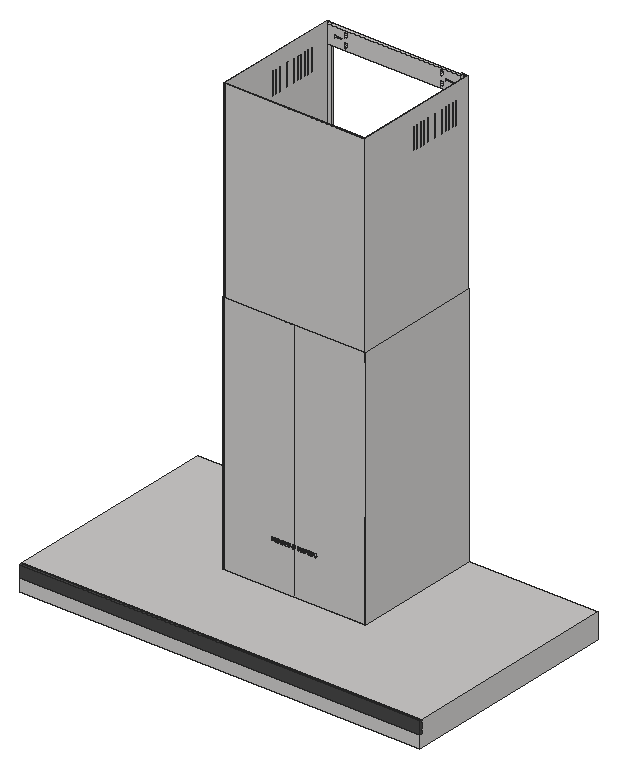
Revit family "FP_Revit_18_HC90BCXB2_Rangehood_90001848A", category Specialty Equipment, Revit 2018
Family settings
  Round Connector Dimension = Use Diameter
  Part Type = Normal
  OmniClass Number = 23.40.40.00
  OmniClass Title = Food Service Equipment and Furnishings
  Work Plane-Based = No
  Always vertical = Yes
  Cut with Voids When Loaded = Yes
  Shared = No
  Room Calculation Point = No
Parameters
  Visibility - Upper Chimney Extension [instance] = yes
  URL = "www.fisherpaykel.com"
  Product - Width = 899 mm  # constant formula
  Product - Height (595mm - 1035mm) [instance] = 1035 mm
  Product - Depth = 500 mm  # constant formula
  Model = "HC90BCXB2"
  Material - Display Panel = Fisher & Paykel - Black
  Material - Body = Fisher & Paykel - Stainless Steel
  Manufacturer = "Fisher & Paykel Appliances"
  FFL Offset [instance] = 1565 mm
  Description = "90cm Rangehood"
  Connector Description - Extraction = "150mm Semi Rigid Rangehood Ducting, 636m³/hr"
  Connector Description - Electrical = "230 V, 50 Hz"
  Chassis - Width = 320 mm  # constant formula
  Chassis - Height = 604 mm  # constant formula
  Chassis - Depth = 291 mm  # constant formula
Reference planes
  plane 1 "Datum": y = 0
  plane 2: z = 0
  plane 3 "Center (Left/Right)": x = 0
  plane 4 "Product - Height": z = 2600
  plane 5 "Product LHS": x = -449.5
  plane 6 "Product RHS": x = 449.5
  plane 7 "Product - Depth": y = -500
  plane 8 "Cavity LHS": x = -160
  plane 9 "Cavity RHS": x = 160
  plane 10 "Chassis - Depth": y = -291
  plane 11 "FFL Offset": z = 1565
Forms (mm)
  Extrusion 1, solid, material "Fisher & Paykel - Stainless Steel" <- "Material - Body"
    sketch origin (0, 0, 0) x (1, 0, 0) y (0, 1, 0)
      loop
        line (-145, 0) -> (-160, 0) -> (-160, -291) -> (0, -291) -> (160, -291) -> (160, 0) -> (145, 0) -> (145, -1) -> (159, -1) -> (159, -290) -> (-159, -290) -> (-159, -1) -> (-145, -1) -> (-145, 0)
    from 1620 to 2169
  Extrusion 2, solid, material "Fisher & Paykel - Stainless Steel" <- "Material - Body", visible <- "Visibility - Upper Chimney Extension"
    sketch origin (0, 0, 0) x (1, 0, 0) y (0, 1, 0)
      loop
        line (-158, -3) -> (-145, -3) -> (-145, -2) -> (-159, -2) -> (-159, -290) -> (159, -290) -> (159, -2) -> (145, -2) -> (145, -3) -> (158, -3) -> (158, -289.044) -> (-158, -289.044) -> (-158, -3)
    from 2149 to 2600
  Extrusion 3, solid, material "Fisher & Paykel - Stainless Steel" <- "Material - Body"
    sketch origin (0, 0, 0) x (1, 0, 0) y (0, 1, 0)
      loop
        line (-449.5, 0) -> (-449.5, -500) -> (449.5, -500) -> (449.5, 0) -> (-449.5, 0)
    from 1565 to 1620
  Extrusion 4, void
    sketch origin (0, 0, 0) x (0, 1, 0) y (0, 0, 1)
      loop
        line (-500, 1620) -> (-500, 1592.5) -> (-495, 1592.5) -> (-495, 1620) -> (-500, 1620)
    from -449.5 to 449.5
  Extrusion 5, solid, material "Fisher & Paykel - Black" <- "Material - Display Panel", detail levels medium+fine
    sketch origin (0, 0, 1000) x (0, 1, 0) y (0, 0, 1)
      loop
        line (-495, 592.5) -> (-495, 620) -> (-500, 620) -> (-500, 592.5) -> (-495, 592.5)
    from -449.5 to 449.5
  Extrusion 6, solid, material "Fisher & Paykel - Stainless Steel" <- "Material - Body"
    sketch origin (0, 0, 0) x (1, 0, 0) y (0, 1, 0)
      loop
        line (159, -1) -> (-159, -1) -> (-159, -290) -> (159, -290) -> (159, -1)
    from 1620 to 1838
  Extrusion 7, solid, material "Fisher & Paykel - Stainless Steel" <- "Material - Body"
    sketch origin (0, 0, 0) x (1, 0, 0) y (0, 1, 0)
      loop
        circle (0, -105) r 75
      loop
        circle (0, -105) r 73
    from 1838 to 1970.269
  Extrusion 8, solid, material "Fisher & Paykel - Stainless Steel" <- "Material - Body"
    sketch origin (0, 0, 0) x (1, 0, 0) y (0, 0, 1)
      loop
        line (-145, 1860) -> (-145, 1838) -> (145, 1838) -> (145, 1860) -> (-145, 1860)
      loop
        line (-127.5, 1851) -> (-127.5, 1849.33)
        arc (-127.5, 1849.33) -> (-125, 1840) -> (-122.5, 1849.33) r 5
        line (-122.5, 1849.33) -> (-122.5, 1851)
        arc (-122.5, 1851) -> (-125, 1853.5) -> (-127.5, 1851) r 2.5
      loop
        line (122.5, 1851) -> (122.5, 1849.33)
        arc (122.5, 1849.33) -> (125, 1840) -> (127.5, 1849.33) r 5
        line (127.5, 1849.33) -> (127.5, 1851)
        arc (127.5, 1851) -> (125, 1853.5) -> (122.5, 1851) r 2.5
    from 0 to 2
  Extrusion 9, solid, material "Fisher & Paykel - Stainless Steel" <- "Material - Body", visible <- "Visibility - Upper Chimney Extension"
    sketch origin (0, 0, 0) x (1, 0, 0) y (0, 0, 1)
      loop
        line (-150, 2558.811) -> (150, 2558.811) -> (150, 2600) -> (-150, 2600) -> (-150, 2558.811)
      loop
        line (104, 2592.5) -> (104, 2588.5)
        arc (104, 2588.5) -> (108, 2584.5) -> (112, 2588.5) r 4
        line (112, 2588.5) -> (112, 2592.5)
        arc (112, 2592.5) -> (108, 2596.5) -> (104, 2592.5) r 4
      loop
        arc (112, 2571.5) -> (108, 2575.5) -> (104, 2571.5) r 4
        line (104, 2571.5) -> (104, 2566.794)
        arc (104, 2566.794) -> (108, 2563.544) -> (112, 2566.794) r 4.087
        line (112, 2566.794) -> (112, 2571.5)
      loop
        arc (117.5, 2582.5) -> (115, 2580) -> (117.5, 2577.5) r 2.5
        line (117.5, 2577.5) -> (132.5, 2577.5)
        arc (132.5, 2577.5) -> (135, 2580) -> (132.5, 2582.5) r 2.5
        line (132.5, 2582.5) -> (117.5, 2582.5)
      loop
        arc (-104, 2592.5) -> (-108, 2596.5) -> (-112, 2592.5) r 4
        line (-112, 2592.5) -> (-112, 2588.5)
        arc (-112, 2588.5) -> (-108, 2584.5) -> (-104, 2588.5) r 4
        line (-104, 2588.5) -> (-104, 2592.5)
      loop
        line (-112, 2571.5) -> (-112, 2566.794)
        arc (-112, 2566.794) -> (-108, 2563.544) -> (-104, 2566.794) r 4.087
        line (-104, 2566.794) -> (-104, 2571.5)
        arc (-104, 2571.5) -> (-108, 2575.5) -> (-112, 2571.5) r 4
      loop
        line (-117.5, 2582.5) -> (-132.5, 2582.5)
        arc (-132.5, 2582.5) -> (-135, 2580) -> (-132.5, 2577.5) r 2.5
        line (-132.5, 2577.5) -> (-117.5, 2577.5)
        arc (-117.5, 2577.5) -> (-115, 2580) -> (-117.5, 2582.5) r 2.5
    from 3 to 9
  Extrusion 10, void
    sketch origin (0, 0, 0) x (0, 1, 0) y (0, 0, 1)
      loop
        line (-157, 2564.417) -> (-157, 2514.417)
        arc (-157, 2514.417) -> (-154.5, 2511.917) -> (-152, 2514.417) r 2.5
        line (-152, 2514.417) -> (-152, 2564.417)
        arc (-152, 2564.417) -> (-154.5, 2566.917) -> (-157, 2564.417) r 2.5
      loop
        line (-147, 2564.417) -> (-147, 2514.417)
        arc (-147, 2514.417) -> (-144.5, 2511.917) -> (-142, 2514.417) r 2.5
        line (-142, 2514.417) -> (-142, 2564.417)
        arc (-142, 2564.417) -> (-144.5, 2566.917) -> (-147, 2564.417) r 2.5
      loop
        line (-137, 2564.417) -> (-137, 2514.417)
        arc (-137, 2514.417) -> (-134.5, 2511.917) -> (-132, 2514.417) r 2.5
        line (-132, 2514.417) -> (-132, 2564.417)
        arc (-132, 2564.417) -> (-134.5, 2566.917) -> (-137, 2564.417) r 2.5
      loop
        line (-127, 2564.417) -> (-127, 2514.417)
        arc (-127, 2514.417) -> (-124.5, 2511.917) -> (-122, 2514.417) r 2.5
        line (-122, 2514.417) -> (-122, 2564.417)
        arc (-122, 2564.417) -> (-124.5, 2566.917) -> (-127, 2564.417) r 2.5
      loop
        line (-117, 2564.417) -> (-117, 2514.417)
        arc (-117, 2514.417) -> (-114.5, 2511.917) -> (-112, 2514.417) r 2.5
        line (-112, 2514.417) -> (-112, 2564.417)
        arc (-112, 2564.417) -> (-114.5, 2566.917) -> (-117, 2564.417) r 2.5
      loop
        line (-107, 2564.417) -> (-107, 2514.417)
        arc (-107, 2514.417) -> (-104.5, 2511.917) -> (-102, 2514.417) r 2.5
        line (-102, 2514.417) -> (-102, 2564.417)
        arc (-102, 2564.417) -> (-104.5, 2566.917) -> (-107, 2564.417) r 2.5
      loop
        line (-97, 2564.417) -> (-97, 2514.417)
        arc (-97, 2514.417) -> (-94.5, 2511.917) -> (-92, 2514.417) r 2.5
        line (-92, 2514.417) -> (-92, 2564.417)
        arc (-92, 2564.417) -> (-94.5, 2566.917) -> (-97, 2564.417) r 2.5
      loop
        line (-87, 2564.417) -> (-87, 2514.417)
        arc (-87, 2514.417) -> (-84.5, 2511.917) -> (-82, 2514.417) r 2.5
        line (-82, 2514.417) -> (-82, 2564.417)
        arc (-82, 2564.417) -> (-84.5, 2566.917) -> (-87, 2564.417) r 2.5
      loop
        line (-77, 2564.417) -> (-77, 2514.417)
        arc (-77, 2514.417) -> (-74.5, 2511.917) -> (-72, 2514.417) r 2.5
        line (-72, 2514.417) -> (-72, 2564.417)
        arc (-72, 2564.417) -> (-74.5, 2566.917) -> (-77, 2564.417) r 2.5
      loop
        line (-67, 2564.417) -> (-67, 2514.417)
        arc (-67, 2514.417) -> (-64.5, 2511.917) -> (-62, 2514.417) r 2.5
        line (-62, 2514.417) -> (-62, 2564.417)
        arc (-62, 2564.417) -> (-64.5, 2566.917) -> (-67, 2564.417) r 2.5
      loop
        line (-57, 2564.417) -> (-57, 2514.417)
        arc (-57, 2514.417) -> (-54.5, 2511.917) -> (-52, 2514.417) r 2.5
        line (-52, 2514.417) -> (-52, 2564.417)
        arc (-52, 2564.417) -> (-54.5, 2566.917) -> (-57, 2564.417) r 2.5
      loop
        line (-47, 2564.417) -> (-47, 2514.417)
        arc (-47, 2514.417) -> (-44.5, 2511.917) -> (-42, 2514.417) r 2.5
        line (-42, 2514.417) -> (-42, 2564.417)
        arc (-42, 2564.417) -> (-44.5, 2566.917) -> (-47, 2564.417) r 2.5
      loop
        line (-37, 2564.417) -> (-37, 2514.417)
        arc (-37, 2514.417) -> (-34.5, 2511.917) -> (-32, 2514.417) r 2.5
        line (-32, 2514.417) -> (-32, 2564.417)
        arc (-32, 2564.417) -> (-34.5, 2566.917) -> (-37, 2564.417) r 2.5
    from -159 to 159
  Extrusion 11, solid, material "Fisher & Paykel - Stainless Steel" <- "Material - Body"
    sketch origin (0, 0, 0) x (1, 0, 0) y (0, 0, 1)
      loop
        line (145, 2141) -> (-145, 2141) -> (-145, 2101) -> (145, 2101) -> (145, 2141)
      loop
        line (125, 2123.5) -> (110, 2123.5)
        arc (110, 2123.5) -> (107.5, 2121) -> (110, 2118.5) r 2.5
        line (110, 2118.5) -> (125, 2118.5)
        arc (125, 2118.5) -> (127.5, 2121) -> (125, 2123.5) r 2.5
      loop
        line (-110, 2123.5) -> (-125, 2123.5)
        arc (-125, 2123.5) -> (-127.5, 2121) -> (-125, 2118.5) r 2.5
        line (-125, 2118.5) -> (-110, 2118.5)
        arc (-110, 2118.5) -> (-107.5, 2121) -> (-110, 2123.5) r 2.5
    from 2 to 9
  Extrusion 12, void
    sketch origin (0, 0, 0) x (1, 0, 0) y (0, 1, 0)
      loop
        line (-387, -400) -> (387, -400) -> (387, -83) -> (-387, -83) -> (-387, -400)
      loop
        circle (115, -45) r 25
      loop
        circle (-115, -45) r 25
    from 1565 to 1574
  Extrusion 13, solid, material "Fisher & Paykel - Stainless Steel" <- "Material - Body", detail levels fine
    sketch origin (0, 0, 0) x (1, 0, 0) y (0, 1, 0)
      loop
        line (387, -83) -> (129.5, -83) -> (129.5, -400) -> (387, -400) -> (387, -83)
      loop
        line (138, -391) -> (239.5, -391) -> (239.5, -347) -> (276.5, -347) -> (276.5, -391) -> (378, -391) -> (378, -92) -> (138, -92) -> (138, -391)
      loop
        line (268.5, -357.5) -> (247.5, -357.5) -> (247.5, -391) -> (268.5, -391) -> (268.5, -357.5)
      loop
        line (247.9, -364.5) -> (247.9, -390.562) -> (268.1, -390.562) -> (268.1, -364.5) -> (247.9, -364.5)
      loop
        line (-387, -83) -> (-387, -400) -> (-129.5, -400) -> (-129.5, -83) -> (-387, -83)
      loop
        line (-138, -391) -> (-138, -92) -> (-378, -92) -> (-378, -391) -> (-276.5, -391) -> (-276.5, -347) -> (-239.5, -347) -> (-239.5, -391) -> (-138, -391)
      loop
        line (-268.5, -357.5) -> (-268.5, -391) -> (-247.5, -391) -> (-247.5, -357.5) -> (-268.5, -357.5)
      loop
        line (-247.9, -364.5) -> (-268.1, -364.5) -> (-268.1, -390.562) -> (-247.9, -390.562) -> (-247.9, -364.5)
      loop
        line (128.75, -83) -> (-128.75, -83) -> (-128.75, -400) -> (128.75, -400) -> (128.75, -83)
      loop
        line (-120.25, -391) -> (-18.75, -391) -> (-18.75, -347) -> (18.25, -347) -> (18.25, -391) -> (119.75, -391) -> (119.75, -92) -> (-120.25, -92) -> (-120.25, -391)
      loop
        line (10.25, -357.5) -> (-10.75, -357.5) -> (-10.75, -391) -> (10.25, -391) -> (10.25, -357.5)
      loop
        line (-10.35, -364.5) -> (-10.35, -390.562) -> (9.85, -390.562) -> (9.85, -364.5) -> (-10.35, -364.5)
    from 1565 to 1574
  Extrusion 14, solid, material "Fisher & Paykel - Aluminium", detail levels medium+fine
    sketch origin (0, 0, 0) x (1, 0, 0) y (0, 1, 0)
      loop
        line (378, -92) -> (138, -92) -> (138, -391) -> (239.5, -391) -> (239.5, -347) -> (276.5, -347) -> (276.5, -391) -> (378, -391) -> (378, -92)
      loop
        line (-378, -92) -> (-378, -391) -> (-276.5, -391) -> (-276.5, -347) -> (-239.5, -347) -> (-239.5, -391) -> (-138, -391) -> (-138, -92) -> (-378, -92)
      loop
        line (-120.25, -92) -> (-120.25, -391) -> (-18.75, -391) -> (-18.75, -347) -> (18.25, -347) -> (18.25, -391) -> (119.75, -391) -> (119.75, -92) -> (-120.25, -92)
    from 1565 to 1572
  Extrusion 15, solid, material "Fisher & Paykel - Bezel White", detail levels fine
    sketch origin (0, 0, 0) x (1, 0, 0) y (0, 1, 0)
      loop
        circle (115, -45) r 22
      loop
        circle (-115, -45) r 22
    from 1565 to 1572
  Extrusion 16, solid, material "Fisher & Paykel - Stainless Steel" <- "Material - Body", detail levels fine
    sketch origin (0, 0, 0) x (1, 0, 0) y (0, 1, 0)
      loop
        circle (115, -45) r 22
      loop
        circle (115, -45) r 25
      loop
        circle (-115, -45) r 22
      loop
        circle (-115, -45) r 25
    from 1566 to 1574
  Extrusion 17, solid, material "Fisher & Paykel - Stainless Steel" <- "Material - Body", detail levels medium+fine
    sketch origin (0, 0, 0) x (1, 0, 0) y (0, 1, 0)
      loop
        circle (101, -15) r 4
    from 1838 to 1970.269
Cuts and joins
  Extrusion 4, Extrusion 12 cuts Extrusion 3
  Extrusion 10 cuts Extrusion 2
Text (mm)
  text "Due to ongoing product development, product details are subject to change without notice. \nPlease always refer to www.fisherpaykel.com for the most current product information. \n© Fisher & Paykel 2020" at (41.04, -1225.549, 0), in view "Ref. Level (Plan)"
Dimensions and locks
  equal spacing: plane 5 "Product LHS", plane 3 "Center (Left/Right)", plane 6 "Product RHS"
  "Product - Width": plane 5 "Product LHS" to plane 6 "Product RHS"
  equal spacing: plane 8 "Cavity LHS", plane 3 "Center (Left/Right)", plane 9 "Cavity RHS"
  "Chassis - Width": plane 8 "Cavity LHS" to plane 9 "Cavity RHS"
  locked: Extrusion 1 sketch curve to Extrusion 1 sketch curve at 1  (x3)
  locked: Extrusion 2 to Extrusion 2 at 451
  "Product - Depth": plane 7 "Product - Depth" to plane 1 "Datum"
  "FFL Offset": plane 11 "FFL Offset" to level
  Extrusion 9 sketch curve to plane 4 "Product - Height" = 41.189 mm
  Extrusion 9 sketch curve to plane 4 "Product - Height" = 17.5 mm
  "Chassis - Height": Extrusion 1 to plane 11 "FFL Offset"
  plane 11 "FFL Offset" to Extrusion 8 sketch curve = 295 mm
  locked: Extrusion 7 to plane 11 "FFL Offset" at 405.269
  locked: cut or joined group of Extrusion 3, Extrusion 4, Extrusion 12 to plane 11 "FFL Offset" at 9
  locked: Extrusion 14 to plane 11 "FFL Offset" at 7
  locked: Extrusion 5 to plane 11 "FFL Offset" at 27.5
  locked: plane 11 "FFL Offset" to nested 1 at 153
  "Product - Height (595mm - 1035mm)": plane 4 "Product - Height" to plane 11 "FFL Offset"
  locked: cut or joined group of Extrusion 3, Extrusion 4, Extrusion 12 to Extrusion 16 at 1
  locked: Extrusion 6 to plane 11 "FFL Offset" at 273
  "Chassis - Depth": plane 1 "Datum" to plane 10 "Chassis - Depth"
  locked: cut or joined group of Extrusion 3, Extrusion 4, Extrusion 12 to plane 11 "FFL Offset" at 55
  locked: Extrusion 9 to plane 4 "Product - Height" at 41.189
  locked: plane 11 "FFL Offset" to Extrusion 11 at 536
  locked: plane 11 "FFL Offset" to Extrusion 11 at 576
  aligned and locked: level to plane 2
  aligned and locked: Extrusion 1 sketch curve to plane 8 "Cavity LHS"
  aligned and locked: plane 9 "Cavity RHS" to Extrusion 1 sketch curve
  aligned and locked: plane 1 "Datum" to Extrusion 1 sketch curve  (x2)
  aligned and locked: plane 10 "Chassis - Depth" to Extrusion 1 sketch curve
  aligned and locked: plane 6 "Product RHS" to Extrusion 3 sketch curve
  aligned and locked: plane 1 "Datum" to Extrusion 3 sketch curve
  aligned and locked: Extrusion 3 sketch curve to plane 5 "Product LHS"
  aligned and locked: plane 7 "Product - Depth" to Extrusion 3 sketch curve
  aligned and locked: plane 7 "Product - Depth" to Extrusion 4 sketch curve
  aligned and locked: Extrusion 4 sketch curve to cut or joined group of Extrusion 3, Extrusion 4, Extrusion 12
  aligned and locked: Extrusion 4 to plane 6 "Product RHS"
  aligned and locked: plane 5 "Product LHS" to Extrusion 4
  aligned and locked: cut or joined group of Extrusion 3, Extrusion 4, Extrusion 12 to Extrusion 5
  aligned and locked: Extrusion 5 to cut or joined group of Extrusion 3, Extrusion 4, Extrusion 12
  aligned and locked: Extrusion 1 to Extrusion 6
  aligned and locked: Extrusion 7 to Extrusion 6
  aligned and locked: plane 4 "Product - Height" to Extrusion 2
  aligned and locked: Extrusion 10 to Extrusion 1  (x2)
  aligned and locked: plane 4 "Product - Height" to Extrusion 9
  aligned and locked: Extrusion 9 sketch curve to Extrusion 9 sketch curve
  aligned and locked: Extrusion 3 to plane 11 "FFL Offset"
  aligned and locked: Extrusion 6 to cut or joined group of Extrusion 3, Extrusion 4, Extrusion 12
  aligned and locked: Extrusion 3 to Extrusion 12
  aligned and locked: cut or joined group of Extrusion 3, Extrusion 4, Extrusion 12 to Extrusion 13  (x2)
  aligned and locked: cut or joined group of Extrusion 3, Extrusion 4, Extrusion 12 to Extrusion 14
  aligned and locked: Extrusion 15 to Extrusion 14
  aligned and locked: cut or joined group of Extrusion 3, Extrusion 4, Extrusion 12 to Extrusion 15
  aligned and locked: Extrusion 4 to Extrusion 5
  aligned and locked: Extrusion 1 to Extrusion 5
  aligned and locked: Extrusion 16 to cut or joined group of Extrusion 3, Extrusion 4, Extrusion 12
  aligned and locked: Extrusion 17 to Extrusion 6
  aligned and locked: Extrusion 17 to Extrusion 7
  aligned and locked: cut or joined group of Extrusion 2, Extrusion 10 to Extrusion 9
Automatic sketch dimensions
  Extrusion 1 sketch curve to plane 3 "Center (Left/Right)" = 0 mm
  plane 1 "Datum" to Extrusion 1 sketch curve = 1 mm  (x2)
  Extrusion 1 sketch curve to Extrusion 1 sketch curve = 14 mm
  plane 9 "Cavity RHS" to Extrusion 1 sketch curve = 15 mm
  plane 7 "Product - Depth" to Extrusion 4 sketch curve = 5 mm
  level to Extrusion 4 sketch curve = 1592.5 mm
  Extrusion 5 sketch curve to Extrusion 5 sketch curve = 27.5 mm
  Extrusion 6 sketch curve to plane 8 "Cavity LHS" = 1 mm
  plane 9 "Cavity RHS" to Extrusion 6 sketch curve = 1 mm
  plane 10 "Chassis - Depth" to Extrusion 6 sketch curve = 1 mm
  plane 1 "Datum" to Extrusion 6 sketch curve = 1 mm
  Extrusion 2 sketch curve to plane 8 "Cavity LHS" = 1 mm
  Extrusion 2 sketch curve to Extrusion 2 sketch curve = 1 mm  (x3)
  plane 1 "Datum" to Extrusion 2 sketch curve = 3 mm  (x2)
  Extrusion 2 sketch curve to Extrusion 2 sketch curve = 13 mm
  plane 9 "Cavity RHS" to Extrusion 2 sketch curve = 15 mm
  plane 9 "Cavity RHS" to Extrusion 2 sketch curve = 2 mm
  plane 9 "Cavity RHS" to Extrusion 2 sketch curve = 1 mm
  plane 10 "Chassis - Depth" to Extrusion 2 sketch curve = 1.956 mm
  plane 10 "Chassis - Depth" to Extrusion 2 sketch curve = 1 mm
  Extrusion 10 sketch curve to plane 4 "Product - Height" = 85.583 mm  (x2)
  plane 1 "Datum" to Extrusion 10 sketch curve = 157 mm
  Extrusion 10 sketch curve to Extrusion 10 sketch curve = 2.5 mm  (x13)
  Extrusion 10 sketch curve to Extrusion 10 sketch curve = 5 mm  (x12)
  Extrusion 10 sketch curve to Extrusion 10 sketch curve = 0 mm  (x23)
  Extrusion 10 sketch curve to plane 4 "Product - Height" = 35.583 mm
  Extrusion 11 sketch curve to plane 5 "Product LHS" = 304.5 mm
  Extrusion 11 sketch curve to Extrusion 11 sketch curve = 20 mm  (x2)
  Extrusion 11 sketch curve to Extrusion 11 sketch curve = 15 mm  (x2)
  Extrusion 11 sketch curve to plane 8 "Cavity LHS" = 270 mm
  Extrusion 11 sketch curve to Extrusion 11 sketch curve = 17.5 mm  (x3)
  Extrusion 11 sketch curve to Extrusion 11 sketch curve = 2.5 mm  (x2)
  Extrusion 5 sketch curve to Extrusion 5 sketch curve = 5 mm
  Extrusion 5 sketch curve to plane 7 "Product - Depth" = 0 mm
  plane 11 "FFL Offset" to Extrusion 5 sketch curve = 27.5 mm
  Extrusion 15 sketch curve to plane 8 "Cavity LHS" = 45 mm
  plane 9 "Cavity RHS" to Extrusion 15 sketch curve = 45 mm
  plane 1 "Datum" to Extrusion 15 sketch curve = 45 mm  (x2)
  Extrusion 12 sketch curve to plane 5 "Product LHS" = 62.5 mm
  Extrusion 12 sketch curve to plane 8 "Cavity LHS" = 45 mm
  plane 9 "Cavity RHS" to Extrusion 12 sketch curve = 45 mm
  plane 6 "Product RHS" to Extrusion 12 sketch curve = 62.5 mm
  plane 7 "Product - Depth" to Extrusion 12 sketch curve = 100 mm
  plane 1 "Datum" to Extrusion 12 sketch curve = 83 mm
  plane 1 "Datum" to Extrusion 12 sketch curve = 45 mm  (x2)
  Extrusion 16 sketch curve to Extrusion 16 sketch curve = 0 mm  (x4)
  Extrusion 16 sketch curve to plane 8 "Cavity LHS" = 45 mm
  plane 9 "Cavity RHS" to Extrusion 16 sketch curve = 45 mm
  plane 1 "Datum" to Extrusion 16 sketch curve = 45 mm  (x2)
  Extrusion 13 sketch curve to plane 5 "Product LHS" = 62.5 mm
  Extrusion 13 sketch curve to Extrusion 13 sketch curve = 9 mm  (x9)
  Extrusion 13 sketch curve to Extrusion 13 sketch curve = 101.5 mm
  Extrusion 13 sketch curve to Extrusion 13 sketch curve = 8 mm  (x6)
  Extrusion 13 sketch curve to Extrusion 13 sketch curve = 0.4 mm  (x6)
  Extrusion 13 sketch curve to Extrusion 13 sketch curve = 20.2 mm  (x2)
  Extrusion 13 sketch curve to plane 8 "Cavity LHS" = 22 mm
  Extrusion 13 sketch curve to Extrusion 13 sketch curve = 8.5 mm  (x3)
  Extrusion 13 sketch curve to Extrusion 13 sketch curve = 0.75 mm  (x2)
  Extrusion 13 sketch curve to plane 3 "Center (Left/Right)" = 18.75 mm
  plane 3 "Center (Left/Right)" to Extrusion 13 sketch curve = 9.85 mm
  plane 9 "Cavity RHS" to Extrusion 13 sketch curve = 40.25 mm
  Extrusion 13 sketch curve to plane 9 "Cavity RHS" = 79.5 mm
  plane 6 "Product RHS" to Extrusion 13 sketch curve = 71.5 mm
  plane 7 "Product - Depth" to Extrusion 13 sketch curve = 100 mm  (x2)
  Extrusion 13 sketch curve to Extrusion 13 sketch curve = 0 mm  (x8)
  Extrusion 13 sketch curve to Extrusion 13 sketch curve = 0.438 mm  (x3)
  Extrusion 13 sketch curve to Extrusion 13 sketch curve = 26.062 mm  (x3)
  Extrusion 13 sketch curve to Extrusion 13 sketch curve = 7 mm  (x3)
  Extrusion 13 sketch curve to Extrusion 13 sketch curve = 10.5 mm  (x3)
  plane 1 "Datum" to Extrusion 13 sketch curve = 92 mm  (x2)
  Extrusion 14 sketch curve to plane 5 "Product LHS" = 71.5 mm
  Extrusion 14 sketch curve to Extrusion 14 sketch curve = 101.5 mm
  Extrusion 14 sketch curve to Extrusion 14 sketch curve = 37 mm  (x2)
  Extrusion 14 sketch curve to plane 8 "Cavity LHS" = 22 mm
  Extrusion 14 sketch curve to Extrusion 14 sketch curve = 17.75 mm
  Extrusion 14 sketch curve to plane 3 "Center (Left/Right)" = 18.75 mm
  plane 3 "Center (Left/Right)" to Extrusion 14 sketch curve = 18.25 mm
  plane 9 "Cavity RHS" to Extrusion 14 sketch curve = 40.25 mm
  Extrusion 14 sketch curve to Extrusion 14 sketch curve = 18.25 mm
  Extrusion 14 sketch curve to plane 9 "Cavity RHS" = 79.5 mm
  plane 6 "Product RHS" to Extrusion 14 sketch curve = 71.5 mm
  Extrusion 14 sketch curve to plane 10 "Chassis - Depth" = 100 mm  (x4)
  Extrusion 14 sketch curve to Extrusion 14 sketch curve = 0 mm  (x3)
  Extrusion 14 sketch curve to Extrusion 14 sketch curve = 44 mm  (x3)
  plane 1 "Datum" to Extrusion 14 sketch curve = 92 mm  (x2)
  Extrusion 7 sketch curve to Extrusion 7 sketch curve = 0 mm  (x2)
  Extrusion 7 sketch curve to plane 3 "Center (Left/Right)" = 0 mm
  plane 1 "Datum" to Extrusion 7 sketch curve = 105 mm
  Extrusion 8 sketch curve to plane 8 "Cavity LHS" = 15 mm
  Extrusion 8 sketch curve to Extrusion 8 sketch curve = 17.5 mm
  Extrusion 8 sketch curve to Extrusion 8 sketch curve = 2.5 mm  (x4)
  plane 9 "Cavity RHS" to Extrusion 8 sketch curve = 37.5 mm
  plane 9 "Cavity RHS" to Extrusion 8 sketch curve = 15 mm
  Extrusion 8 sketch curve to Extrusion 8 sketch curve = 9 mm  (x2)
  Extrusion 8 sketch curve to Extrusion 8 sketch curve = 1.67 mm  (x2)
  Extrusion 8 sketch curve to Extrusion 8 sketch curve = 4.33 mm  (x2)
  Extrusion 8 sketch curve to Extrusion 8 sketch curve = 11.33 mm
  plane 1 "Datum" to Extrusion 17 sketch curve = 15 mm
  plane 9 "Cavity RHS" to Extrusion 17 sketch curve = 59 mm
  Extrusion 9 sketch curve to plane 4 "Product - Height" = 0 mm
  Extrusion 9 sketch curve to plane 8 "Cavity LHS" = 10 mm
  Extrusion 9 sketch curve to Extrusion 9 sketch curve = 17.5 mm
  Extrusion 9 sketch curve to Extrusion 9 sketch curve = 15 mm  (x2)
  Extrusion 9 sketch curve to Extrusion 9 sketch curve = 5.5 mm  (x3)
  Extrusion 9 sketch curve to Extrusion 9 sketch curve = 4 mm  (x6)
  Extrusion 9 sketch curve to Extrusion 9 sketch curve = 0 mm  (x3)
  Extrusion 9 sketch curve to plane 4 "Product - Height" = 11.5 mm
  plane 9 "Cavity RHS" to Extrusion 9 sketch curve = 56 mm
  plane 9 "Cavity RHS" to Extrusion 9 sketch curve = 10 mm
  Extrusion 9 sketch curve to Extrusion 9 sketch curve = 21.706 mm
  Extrusion 9 sketch curve to Extrusion 9 sketch curve = 15.706 mm
  Extrusion 9 sketch curve to Extrusion 9 sketch curve = 0.837 mm  (x2)
  Extrusion 9 sketch curve to Extrusion 9 sketch curve = 3.87 mm
  Extrusion 9 sketch curve to Extrusion 9 sketch curve = 4.706 mm
  Extrusion 9 sketch curve to Extrusion 9 sketch curve = 5 mm
  Extrusion 9 sketch curve to Extrusion 9 sketch curve = 2.5 mm
  Extrusion 9 sketch curve to Extrusion 9 sketch curve = 6 mm
  Extrusion 11 sketch curve to plane 4 "Product - Height" = 499 mm
  radius of Extrusion 15 sketch curve = 22 mm  (x2)
  radius of Extrusion 12 sketch curve = 25 mm  (x2)
  radius of Extrusion 16 sketch curve = 22 mm  (x2)
  radius of Extrusion 16 sketch curve = 25 mm  (x2)
  radius of Extrusion 7 sketch curve = 73 mm
  radius of Extrusion 7 sketch curve = 75 mm
  radius of Extrusion 17 sketch curve = 4 mm
Nested families
  nested 1: "F&P Logo 100mm" at (0.236, -291, 1718.109), type "Grey"
Connectors
  hvac at (0, -105, 1970.269), driven by "Connector Description - Extraction"
    settings: on Extrusion 7, index 1, duct flow 0.0 L/s, flow factor 0, pres drop 0.0 Pa, loss coef 0, conn angle 0.00°, conn width 304.8 mm, conn height 304.8 mm, conn diameter 150 mm, duct sys type 3, conn prof type 0, flow config 0, flow direction 2, loss method 0, conn ref index -1, conn util no, is conn primary yes, conn desc "150mm Semi Rigid Rangehood Ducting, 636m³/hr"
  electrical at (101, -15, 1970.269), driven by "Connector Description - Electrical"
    settings: on Extrusion 17, index 2, voltage 230 V, apparent load 0 VA, apparent load phase1 0 VA, apparent load phase2 0 VA, apparent load phase3 0 VA, power factor 1, load classification "Other", number of poles 1, system type 30, power factor state 1, is connector primary yes, connector utility no, sub classification motor no, connector description "230 V, 50 Hz"
Definition of nested family "F&P Logo 100mm"
  Parameters (values of type "Chrome")
    URL = "www.fisherpaykel.com"
    Material - Logo = none
    Manufacturer = "Fisher & Paykel Appliances"
  Types (3): name
    (no name)
    Chrome
    Grey
  Reference planes
    plane 1 "Center (Front/Back)": y = 0
    plane 2: z = 0
    plane 3 "Center (Left/Right)": x = 0
  Forms (mm)
    Extrusion 1, solid, material <- "Material - Logo", detail levels fine
      sketch origin (0, 0, 0) x (1, 0, 0) y (0, 0, 1)
        loop
          line (-50.044, 0) -> (-48.47, 0) -> (-48.47, 2.138) -> (-46.011, 2.138) -> (-46.011, 3.472) -> (-48.47, 3.472) -> (-48.47, 4.712) -> (-45.795, 4.712) -> (-45.795, 6.04) -> (-50.044, 6.04) -> (-50.044, 0)
        loop
          line (-42.804, 6.04) -> (-42.804, 0) -> (-41.23, 0) -> (-41.23, 6.04) -> (-42.804, 6.04)
        loop
          line (-30.724, 6.04) -> (-30.724, 0) -> (-29.151, 0) -> (-29.151, 2.42) -> (-26.839, 2.42) -> (-26.839, 0) -> (-25.265, 0) -> (-25.265, 6.04) -> (-26.839, 6.04) -> (-26.839, 3.748) -> (-29.151, 3.748) -> (-29.151, 6.04) -> (-30.724, 6.04)
        loop
          line (-21.906, 6.04) -> (-21.906, 0) -> (-17.602, 0) -> (-17.602, 1.328) -> (-20.347, 1.328) -> (-20.347, 2.42) -> (-17.838, 2.42) -> (-17.838, 3.748) -> (-20.347, 3.748) -> (-20.347, 4.712) -> (-17.602, 4.712) -> (-17.602, 6.04) -> (-21.906, 6.04)
        loop
          line (45.667, 6.04) -> (45.667, 0) -> (49.956, 0) -> (49.956, 1.328) -> (47.241, 1.328) -> (47.241, 6.04) -> (45.667, 6.04)
        loop
          line (42.431, 6.04) -> (38.112, 6.04) -> (38.112, 0) -> (42.431, 0) -> (42.431, 1.328) -> (39.687, 1.328) -> (39.687, 2.42) -> (42.195, 2.42) -> (42.195, 3.748) -> (39.687, 3.748) -> (39.687, 4.712) -> (42.431, 4.712) -> (42.431, 6.04)
        loop
          line (33.451, 3.148) -> (35.683, 6.04) -> (33.844, 6.04) -> (31.915, 3.542) -> (31.915, 6.04) -> (30.342, 6.04) -> (30.342, 0) -> (31.915, 0) -> (31.915, 2.705) -> (33.903, 0) -> (35.763, 0) -> (33.451, 3.148)
        loop
          line (21.98, 6.04) -> (24.262, 2.42) -> (24.262, 0) -> (25.837, 0) -> (25.837, 2.341) -> (28.119, 6.04) -> (26.446, 6.04) -> (25.099, 3.707) -> (23.753, 6.04) -> (21.98, 6.04)
        loop
          line (18.479, 6.04) -> (16.983, 6.04) -> (14.524, 0) -> (16.069, 0) -> (16.501, 1.112) -> (18.921, 1.112) -> (19.354, 0) -> (20.938, 0) -> (18.479, 6.04)
        loop
          line (18.4, 2.439) -> (17.693, 4.174) -> (17.018, 2.439) -> (18.4, 2.439)
        loop
          line (8.031, 6.04) -> (8.031, 0) -> (9.605, 0) -> (9.605, 1.938) -> (10.599, 1.938)
          arc (10.599, 1.938) -> (12.65, 3.989) -> (10.599, 6.04) r 2.051
          line (10.599, 6.04) -> (8.031, 6.04)
        loop
          line (9.605, 4.712) -> (9.605, 3.197) -> (10.501, 3.197)
          arc (10.501, 3.197) -> (11.259, 3.954) -> (10.501, 4.712) r 0.757
          line (10.501, 4.712) -> (9.605, 4.712)
        loop
          line (-11.783, 6.04) -> (-14.366, 6.04) -> (-14.366, 0) -> (-12.792, 0) -> (-12.792, 1.336) -> (-11.992, 1.336) -> (-10.972, 0) -> (-9.153, 0) -> (-10.694, 1.973)
          arc (-10.694, 1.973) -> (-9.678, 4.424) -> (-11.783, 6.04) r 2.179
        loop
          line (-11.897, 4.712) -> (-12.792, 4.712) -> (-12.792, 3.053) -> (-11.897, 3.053)
          arc (-11.897, 3.053) -> (-11.068, 3.882) -> (-11.897, 4.712) r 0.83
        loop
          line (0.477, 4.712) -> (0.477, 6.153) -> (-3.575, 6.153) -> (-3.575, 4.851) -> (-2.974, 4.112)
          arc (-2.974, 4.112) -> (-3.51, 0.684) -> (-0.045, 0.512) r 2.334
          line (-0.045, 0.512) -> (0.46, -0.109) -> (2.246, -0.109) -> (0.86, 1.594) -> (2.061, 3.324) -> (0.443, 3.324) -> (-0.013, 2.667) -> (-1.677, 4.712) -> (0.477, 4.712)
        loop
          arc (-2.125, 3.068) -> (-2.269, 1.668) -> (-0.868, 1.524) r 0.996
          line (-0.868, 1.524) -> (-2.125, 3.068)
        loop
          line (-35.18, 3.634) -> (-36.516, 3.91)
          arc (-36.516, 3.91) -> (-37.049, 4.443) -> (-36.516, 4.976) r 0.533
          arc (-36.516, 4.976) -> (-35.235, 4.79) -> (-34.059, 4.248) r 4.505
          line (-34.059, 4.248) -> (-34.059, 5.743)
          arc (-34.059, 5.743) -> (-35.549, 6.179) -> (-37.1, 6.109) r 4.726
          arc (-37.1, 6.109) -> (-38.536, 4.335) -> (-37.1, 2.561) r 1.814
          line (-37.1, 2.561) -> (-35.754, 2.282)
          arc (-35.754, 2.282) -> (-35.221, 1.749) -> (-35.754, 1.216) r 0.533
          arc (-35.754, 1.216) -> (-37.035, 1.402) -> (-38.211, 1.945) r 4.505
          line (-38.211, 1.945) -> (-38.211, 0.449)
          arc (-38.211, 0.449) -> (-36.72, 0.013) -> (-35.169, 0.083) r 4.726
          arc (-35.169, 0.083) -> (-33.734, 1.863) -> (-35.18, 3.634) r 1.814
      from 0 to 0.8
  Dimensions and locks
    aligned and locked: level to plane 2
